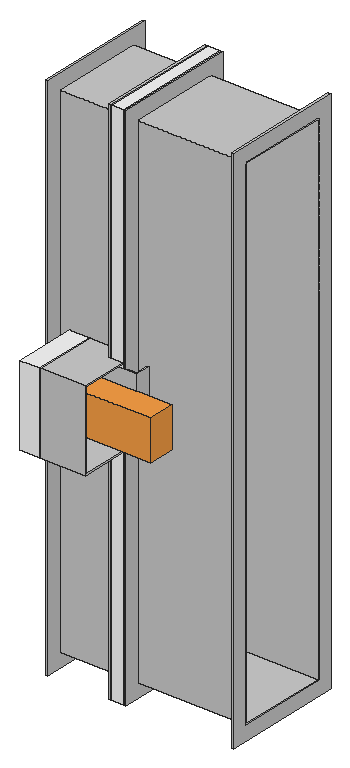
Revit family "204_ff6dc27fab7c4e9d907ed8712ea3d6", category Duct Accessories, Revit 2021 (continued)
Types (72, lengths in mm): name | magiProductId | W2D | MC Product Code | MC Apparent Power | MC Active Power | H_2 | H2D | H1 | H | CV | CH | CB | B_2 | B1_2 | B1 | B | AV
  FDMA-1600x650-.40 | "4235ad0c3e574fb4a293ff9d1a833d" | 1600 | "FDMA-1600x650-.40" | 8 VA | 8 W | 325 | 650 | 640 | 650 | yes | 650 | 1600 | 800 | 795 | 1590 | 1600 | yes
  FDMA-1600x630-.40 | "a90cc8682ef54a3abb9390a091e475" | 1600 | "FDMA-1600x630-.40" | 8 VA | 8 W | 315 | 630 | 620 | 630 | yes | 630 | 1600 | 800 | 795 | 1590 | 1600 | yes
  FDMA-1600x600-.40 | "f0c666cfe91c4d4b9e3b795ab6a051" | 1600 | "FDMA-1600x600-.40" | 8 VA | 8 W | 300 | 600 | 590 | 600 | yes | 600 | 1600 | 800 | 795 | 1590 | 1600 | yes
  FDMA-1600x560-.40 | "af33f8237f054095b97db698d5a589" | 1600 | "FDMA-1600x560-.40" | 8 VA | 8 W | 280 | 560 | 550 | 560 | yes | 560 | 1600 | 800 | 795 | 1590 | 1600 | yes
  FDMA-1600x550-.40 | "b13365a2c8ab4bf69ea423c0a242f4" | 1600 | "FDMA-1600x550-.40" | 8 VA | 8 W | 275 | 550 | 540 | 550 | yes | 550 | 1600 | 800 | 795 | 1590 | 1600 | yes
  FDMA-1600x500-.40 | "e9600d6e4fab44349d06c1dc342c47" | 1600 | "FDMA-1600x500-.40" | 8 VA | 8 W | 250 | 500 | 490 | 500 | yes | 500 | 1600 | 800 | 795 | 1590 | 1600 | no
  FDMA-1600x450-.40 | "172ec3590a9c45d083b23c7ab387e4" | 1600 | "FDMA-1600x450-.40" | 8 VA | 8 W | 225 | 450 | 440 | 450 | yes | 450 | 1600 | 800 | 795 | 1590 | 1600 | no
  FDMA-1600x400-.40 | "84d1c756282f4751ad296042f1fbc9" | 1600 | "FDMA-1600x400-.40" | 8 VA | 8 W | 200 | 400 | 390 | 400 | yes | 400 | 1600 | 800 | 795 | 1590 | 1600 | no
  FDMA-1600x355-.40 | "a14e8be60f3943739d00c33c5b0445" | 1600 | "FDMA-1600x355-.40" | 5 VA | 5 W | 177.5 | 355 | 345 | 355 | yes | 355 | 1600 | 800 | 795 | 1590 | 1600 | no
  FDMA-1600x315-.40 | "16c2731694644e00874ea7ed07c807" | 1600 | "FDMA-1600x315-.40" | 5 VA | 5 W | 157.5 | 315 | 305 | 315 | yes | 315 | 1600 | 800 | 795 | 1590 | 1600 | no
  FDMA-1600x300-.40 | "b8b6b6d0ca2749c2916fd32ca486ff" | 1600 | "FDMA-1600x300-.40" | 5 VA | 5 W | 150 | 300 | 290 | 300 | yes | 300 | 1600 | 800 | 795 | 1590 | 1600 | no
  FDMA-1600x280-.40 | "bcd8eef981d5483893866f9e53734f" | 1600 | "FDMA-1600x280-.40" | 5 VA | 5 W | 140 | 280 | 270 | 280 | yes | 280 | 1600 | 800 | 795 | 1590 | 1600 | no
  FDMA-1600x250-.40 | "8560c2fd909346deb9d014bdadb83e" | 1600 | "FDMA-1600x250-.40" | 5 VA | 5 W | 125 | 250 | 240 | 250 | yes | 250 | 1600 | 800 | 795 | 1590 | 1600 | no
  FDMA-1600x225-.40 | "82171c53411a4af18cde1326ef40d2" | 1600 | "FDMA-1600x225-.40" | 3.5 VA | 3.5 W | 112.5 | 225 | 215 | 225 | no | 225 | 1600 | 800 | 795 | 1590 | 1600 | no
  FDMA-1600x200-.40 | "918b81186a4f46828cd53d508c128e" | 1600 | "FDMA-1600x200-.40" | 3.5 VA | 3.5 W | 100 | 200 | 190 | 200 | no | 200 | 1600 | 800 | 795 | 1590 | 1600 | no
  FDMA-1600x180-.40 | "49ed215f7e214d3eaf192fbd639471" | 1600 | "FDMA-1600x180-.40" | 3.5 VA | 3.5 W | 90 | 180 | 170 | 180 | no | 180 | 1600 | 800 | 795 | 1590 | 1600 | no
  FDMA-1600x1000-.40 | "3e43b5262df34b60afe24376500de0" | 1600 | "FDMA-1600x1000-.40" | 8 VA | 8 W | 500 | 1000 | 990 | 1000 | yes | 1000 | 1600 | 800 | 795 | 1590 | 1600 | yes
  FDMA-1500x900-.40 | "ae525047fd9b471baf0f64cd54ee10" | 1500 | "FDMA-1500x900-.40" | 8 VA | 8 W | 450 | 900 | 890 | 900 | yes | 900 | 1500 | 750 | 745 | 1490 | 1500 | yes
  FDMA-1500x1000-.40 | "8973c1a541c34242a78ef123750ff2" | 1500 | "FDMA-1500x1000-.40" | 8 VA | 8 W | 500 | 1000 | 990 | 1000 | yes | 1000 | 1500 | 750 | 745 | 1490 | 1500 | yes
  FDMA-1400x900-.40 | "89eaeea4e555438a90c45fe54a5604" | 1400 | "FDMA-1400x900-.40" | 8 VA | 8 W | 450 | 900 | 890 | 900 | yes | 900 | 1400 | 700 | 695 | 1390 | 1400 | yes
  FDMA-1400x1000-.40 | "ec08130001a44e7eb2cb3067ad4c80" | 1400 | "FDMA-1400x1000-.40" | 8 VA | 8 W | 500 | 1000 | 990 | 1000 | yes | 1000 | 1400 | 700 | 695 | 1390 | 1400 | yes
  FDMA-1250x900-.40 | "16cfffb96dd34a15bfe31175eda00d" | 1250 | "FDMA-1250x900-.40" | 8 VA | 8 W | 450 | 900 | 890 | 900 | yes | 900 | 1250 | 625 | 620 | 1240 | 1250 | yes
  FDMA-1250x1000-.40 | "67c4f7d0bd2246ae9217e58a91de90" | 1250 | "FDMA-1250x1000-.40" | 8 VA | 8 W | 500 | 1000 | 990 | 1000 | yes | 1000 | 1250 | 625 | 620 | 1240 | 1250 | yes
  FDMA-1100x900-.40 | "526e1de5ba044659b257b3412ac8e0" | 1100 | "FDMA-1100x900-.40" | 8 VA | 8 W | 450 | 900 | 890 | 900 | yes | 900 | 1100 | 550 | 545 | 1090 | 1100 | yes
  FDMA-1100x1000-.40 | "95af3351686c42f69daebab81c56aa" | 1100 | "FDMA-1100x1000-.40" | 8 VA | 8 W | 500 | 1000 | 990 | 1000 | yes | 1000 | 1100 | 550 | 545 | 1090 | 1100 | yes
  FDMA-1000x900-.40 | "2b7862c3e01d4ef2bf730de14f6eab" | 1000 | "FDMA-1000x900-.40" | 8 VA | 8 W | 450 | 900 | 890 | 900 | yes | 900 | 1000 | 500 | 495 | 990 | 1000 | yes
  FDMA-1000x1000-.40 | "ec3fdef9a5784630b7d491e60e36b9" | 1000 | "FDMA-1000x1000-.40" | 8 VA | 8 W | 500 | 1000 | 990 | 1000 | yes | 1000 | 1000 | 500 | 495 | 990 | 1000 | yes
  FDMA-900x900-.40 | "0ba3d2cd318743aeb19877ae08c2c7" | 900 | "FDMA-900x900-.40" | 8 VA | 8 W | 450 | 900 | 890 | 900 | yes | 900 | 900 | 450 | 445 | 890 | 900 | yes
  FDMA-900x1000-.40 | "cc4496d8e61c4e1db3f1dd44fbc323" | 900 | "FDMA-900x1000-.40" | 8 VA | 8 W | 500 | 1000 | 990 | 1000 | yes | 1000 | 900 | 450 | 445 | 890 | 900 | yes
  FDMA-800x900-.40 | "37212b06a35d4e2e8bd92fc0a316d2" | 800 | "FDMA-800x900-.40" | 8 VA | 8 W | 450 | 900 | 890 | 900 | yes | 900 | 800 | 400 | 395 | 790 | 800 | yes
  FDMA-800x1000-.40 | "ce18d9f5aedd48e3a85a2bb527bd63" | 800 | "FDMA-800x1000-.40" | 8 VA | 8 W | 500 | 1000 | 990 | 1000 | yes | 1000 | 800 | 400 | 395 | 790 | 800 | yes
  FDMA-750x900-.40 | "0a5d1fae36b14db2912572142d3f4f" | 750 | "FDMA-750x900-.40" | 8 VA | 8 W | 450 | 900 | 890 | 900 | yes | 900 | 750 | 375 | 370 | 740 | 750 | yes
  FDMA-750x1000-.40 | "d32f734d5dfb49428c5d8f12736931" | 750 | "FDMA-750x1000-.40" | 8 VA | 8 W | 500 | 1000 | 990 | 1000 | yes | 1000 | 750 | 375 | 370 | 740 | 750 | yes
  FDMA-710x900-.40 | "cfe24768ff0845a487673946325010" | 710 | "FDMA-710x900-.40" | 8 VA | 8 W | 450 | 900 | 890 | 900 | yes | 900 | 710 | 355 | 350 | 700 | 710 | yes
  FDMA-710x1000-.40 | "e4633de17f5347a9a7dbf18f084169" | 710 | "FDMA-710x1000-.40" | 8 VA | 8 W | 500 | 1000 | 990 | 1000 | yes | 1000 | 710 | 355 | 350 | 700 | 710 | yes
  FDMA-700x900-.40 | "134bc6822cdf48bba7b0921921410b" | 700 | "FDMA-700x900-.40" | 8 VA | 8 W | 450 | 900 | 890 | 900 | yes | 900 | 700 | 350 | 345 | 690 | 700 | yes
  FDMA-700x1000-.40 | "dfebf2157ed249699ad802d202c787" | 700 | "FDMA-700x1000-.40" | 8 VA | 8 W | 500 | 1000 | 990 | 1000 | yes | 1000 | 700 | 350 | 345 | 690 | 700 | yes
  FDMA-650x900-.40 | "3943000664224a7794fd4c3d774ea4" | 650 | "FDMA-650x900-.40" | 8 VA | 8 W | 450 | 900 | 890 | 900 | yes | 900 | 650 | 325 | 320 | 640 | 650 | yes
  FDMA-650x1000-.40 | "0f39ca2c01c449a1872f0caf7548d5" | 650 | "FDMA-650x1000-.40" | 8 VA | 8 W | 500 | 1000 | 990 | 1000 | yes | 1000 | 650 | 325 | 320 | 640 | 650 | yes
  FDMA-630x900-.40 | "ecbece4093c24b6b87835433385e0b" | 630 | "FDMA-630x900-.40" | 8 VA | 8 W | 450 | 900 | 890 | 900 | yes | 900 | 630 | 315 | 310 | 620 | 630 | yes
  FDMA-630x1000-.40 | "4e433d9bfbc04f73ac843d6c1af5e7" | 630 | "FDMA-630x1000-.40" | 8 VA | 8 W | 500 | 1000 | 990 | 1000 | yes | 1000 | 630 | 315 | 310 | 620 | 630 | yes
  FDMA-600x900-.40 | "a362c675d7c04a508a404713c78324" | 600 | "FDMA-600x900-.40" | 8 VA | 8 W | 450 | 900 | 890 | 900 | yes | 900 | 600 | 300 | 295 | 590 | 600 | yes
  FDMA-600x1000-.40 | "efafaf6fdcc64e6cbb5804fc0fcef2" | 600 | "FDMA-600x1000-.40" | 8 VA | 8 W | 500 | 1000 | 990 | 1000 | yes | 1000 | 600 | 300 | 295 | 590 | 600 | yes
  FDMA-560x900-.40 | "df207afce2314a73b38a89c09c29b3" | 560 | "FDMA-560x900-.40" | 8 VA | 8 W | 450 | 900 | 890 | 900 | yes | 900 | 560 | 280 | 275 | 550 | 560 | yes
  FDMA-560x1000-.40 | "e0b76627d683492099eca16aef759c" | 560 | "FDMA-560x1000-.40" | 8 VA | 8 W | 500 | 1000 | 990 | 1000 | yes | 1000 | 560 | 280 | 275 | 550 | 560 | yes
  FDMA-550x900-.40 | "29487ec6343d4d9c9d7cad3d30e34d" | 550 | "FDMA-550x900-.40" | 8 VA | 8 W | 450 | 900 | 890 | 900 | yes | 900 | 550 | 275 | 270 | 540 | 550 | yes
  FDMA-550x1000-.40 | "a00ef0b8a37c464ca532417040df4f" | 550 | "FDMA-550x1000-.40" | 8 VA | 8 W | 500 | 1000 | 990 | 1000 | yes | 1000 | 550 | 275 | 270 | 540 | 550 | yes
  FDMA-500x900-.40 | "3c9058e2280149d6a045b19063332e" | 500 | "FDMA-500x900-.40" | 8 VA | 8 W | 450 | 900 | 890 | 900 | yes | 900 | 500 | 250 | 245 | 490 | 500 | yes
  FDMA-500x1000-.40 | "708d691578cb403d998a95a5260c8f" | 500 | "FDMA-500x1000-.40" | 8 VA | 8 W | 500 | 1000 | 990 | 1000 | yes | 1000 | 500 | 250 | 245 | 490 | 500 | yes
  FDMA-450x900-.40 | "d6403e3d4334493b85c11887f16dd9" | 450 | "FDMA-450x900-.40" | 8 VA | 8 W | 450 | 900 | 890 | 900 | yes | 900 | 450 | 225 | 220 | 440 | 450 | yes
  FDMA-450x1000-.40 | "d0e07485a6ab4adb8f8d2fd5af2011" | 450 | "FDMA-450x1000-.40" | 8 VA | 8 W | 500 | 1000 | 990 | 1000 | yes | 1000 | 450 | 225 | 220 | 440 | 450 | yes
  FDMA-400x900-.40 | "eaaa0cf899dc46d5ae67979821453f" | 400 | "FDMA-400x900-.40" | 8 VA | 8 W | 450 | 900 | 890 | 900 | yes | 900 | 400 | 200 | 195 | 390 | 400 | yes
  FDMA-400x1000-.40 | "80f4ae03fedf41c590ec6ba3fa1562" | 400 | "FDMA-400x1000-.40" | 8 VA | 8 W | 500 | 1000 | 990 | 1000 | yes | 1000 | 400 | 200 | 195 | 390 | 400 | yes
  FDMA-355x900-.40 | "eeb2d5f414214853bbfdc06058021c" | 355 | "FDMA-355x900-.40" | 8 VA | 8 W | 450 | 900 | 890 | 900 | yes | 900 | 355 | 177.5 | 172.5 | 345 | 355 | yes
  FDMA-355x1000-.40 | "83a011408f5f43c9ad5498ba86dd20" | 355 | "FDMA-355x1000-.40" | 8 VA | 8 W | 500 | 1000 | 990 | 1000 | yes | 1000 | 355 | 177.5 | 172.5 | 345 | 355 | yes
  FDMA-315x900-.40 | "fc1d84010e2947b2a795754027f07f" | 315 | "FDMA-315x900-.40" | 8 VA | 8 W | 450 | 900 | 890 | 900 | yes | 900 | 315 | 157.5 | 152.5 | 305 | 315 | yes
  FDMA-315x1000-.40 | "9c5558dadd464affbb1f7acaa1ff9a" | 315 | "FDMA-315x1000-.40" | 8 VA | 8 W | 500 | 1000 | 990 | 1000 | yes | 1000 | 315 | 157.5 | 152.5 | 305 | 315 | yes
  FDMA-300x900-.40 | "7fca17876ee64f3ba2fcaaad9bbb53" | 300 | "FDMA-300x900-.40" | 8 VA | 8 W | 450 | 900 | 890 | 900 | yes | 900 | 300 | 150 | 145 | 290 | 300 | yes
  FDMA-300x1000-.40 | "82db4b7015c8412692e24e645e387f" | 300 | "FDMA-300x1000-.40" | 8 VA | 8 W | 500 | 1000 | 990 | 1000 | yes | 1000 | 300 | 150 | 145 | 290 | 300 | yes
  FDMA-280x900-.40 | "bbf4626d26dc42f8912c35a7b3aad2" | 280 | "FDMA-280x900-.40" | 8 VA | 8 W | 450 | 900 | 890 | 900 | yes | 900 | 280 | 140 | 135 | 270 | 280 | yes
  FDMA-280x1000-.40 | "dc9e81e405674497b50756beea8c1e" | 280 | "FDMA-280x1000-.40" | 8 VA | 8 W | 500 | 1000 | 990 | 1000 | yes | 1000 | 280 | 140 | 135 | 270 | 280 | yes
  FDMA-250x900-.40 | "72c8d028254f434aa2f40702f53ffd" | 250 | "FDMA-250x900-.40" | 5 VA | 5 W | 450 | 900 | 890 | 900 | yes | 900 | 250 | 125 | 120 | 240 | 250 | yes
  FDMA-250x1000-.40 | "2fa52ab6748c428a8a49e3e229e9da" | 250 | "FDMA-250x1000-.40" | 8 VA | 8 W | 500 | 1000 | 990 | 1000 | yes | 1000 | 250 | 125 | 120 | 240 | 250 | yes
  FDMA-200x900-.40 | "5882b9024e284f24a750583ef53e25" | 200 | "FDMA-200x900-.40" | 5 VA | 5 W | 450 | 900 | 890 | 900 | yes | 900 | 200 | 100 | 95 | 190 | 200 | yes
  FDMA-200x1000-.40 | "4324b91ccfec42749e7214142f10bc" | 200 | "FDMA-200x1000-.40" | 5 VA | 5 W | 500 | 1000 | 990 | 1000 | yes | 1000 | 200 | 100 | 95 | 190 | 200 | yes
  FDMA-180x900-.40 | "01597ad167f348f7a745269575a0d4" | 180 | "FDMA-180x900-.40" | 5 VA | 5 W | 450 | 900 | 890 | 900 | yes | 900 | 180 | 90 | 85 | 170 | 180 | yes
